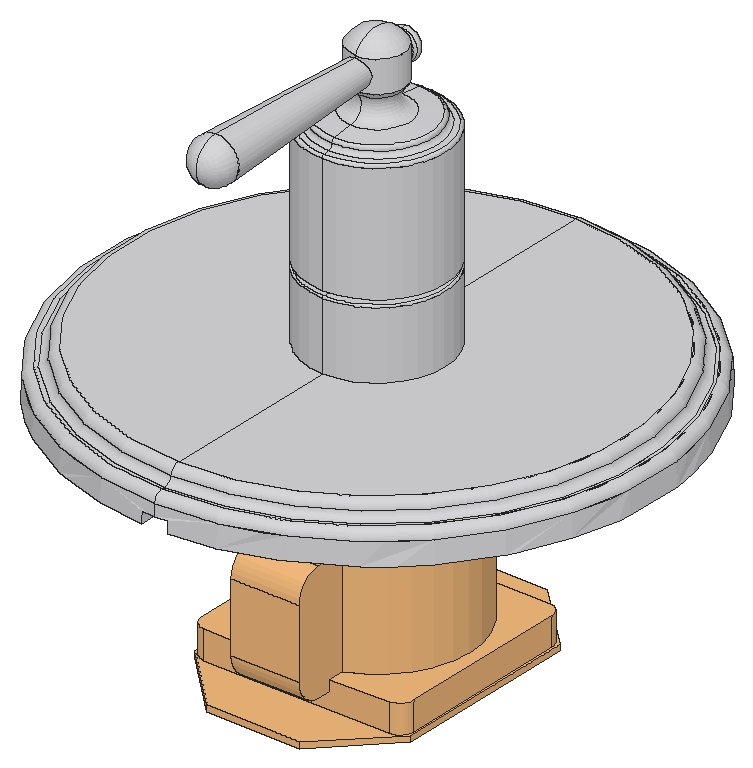
Revit family "Shower-Valve_Trim-KOHLER-MODULO-K-99955T", category Plumbing Fixtures, host Face, Revit 2017
Family settings
  Host = Face
  Round Connector Dimension = Use Diameter
  Part Type = Normal
  OmniClass Number = 23.31.25.00
  OmniClass Title = Toilet and Bath Specialties
  Cut with Voids When Loaded = No
  Shared = No
  Room Calculation Point = No
Parameters (values of type "CP-Polished Chrome")
  Width = 7 23/256"  # constant formula
  WaterSense Certified = 1 = 0  # no
  Waste Water Outlet = "Waste Water Outlet"  # constant formula
  Waste Connection = 1 = 0  # no
  Vent Connection = 1 = 0  # no
  URL = "http://www.kohler.com.cn/"
  Type = 1
  Tempered Water Outlet 2 = "Tempered Water Outlet 2"  # constant formula
  Tempered Water Outlet 1 = "Tempered Water Outlet 1"  # constant formula
  Product Page URL = "https://www.kohler.com.cn/en/product/K-99955T-4-CP/K-99955T-4-CP/"
  Product Name = "MODULO"  # constant formula
  Product Documentation Link = "https://files.kohler.com.cn/pdfs/k-99955T%2099956.pdf"
  Pressure = 0.00 psi
  Model = "K-99955T-4-CP"  # constant formula
  Material = "Premium Metal Construction"  # constant formula
  Master Format 2014 Name = "Residential Showers"  # constant formula
  Master Format 2014 = "22 42 23"  # constant formula
  Manufacturer Address = "Kohler Beijing Office (100016) 36-2-03-B, No. 88, Liuxiang Road, Beijing"  # constant formula
  Manufacturer = "KOHLER Co."  # constant formula
  Length = 4 45/256"  # constant formula
  Hot Water Inlet = "Hot Water Inlet"  # constant formula
  Height = 7 11/128"  # constant formula
  Handle Clearance = 2 7/8"  # constant formula
  HW Connection = 1 = 1  # yes
  Flow Rate = 0 GPM
  Finish = Kohler-Metal-CP-Polished_Chrome
  Environmental Product Declaration = ""
  Drain Included = 1 = 0  # no
  Description = "REC 3 WAY TRIM&VLV-ROUND CLASSIC"  # constant formula
  Default Elevation = 42"
  Declare Label = ""
  Date Modified = "09/29/2020"  # constant formula
  Date Created = "09/29/2020"  # constant formula
  Copyright = "Copyright KOHLER Co."  # constant formula
  Contact Us = "http://www.kohler.com.cn/contact/contact-us/"
  Cold Water Inlet = "Cold Water Inlet"  # constant formula
  CW Connection = 1 = 1  # yes
  Assembly Code = "D2010700"
  ADA Compliant = 1 = 0  # no
Reference planes (in)
  plane 1 "Center (Front/Back)": y = 0
  plane 2: z = 0
  plane 3 "Center (Left/Right)": x = 0
  plane 4: y = 3.54501
  plane 5: y = -3.54092
  plane 6: x = -3.54501
  plane 7: x = 3.54483
  plane 8: y = -2.875
  plane 9: y = 0.86797
  plane 10: y = -0.86797
  plane 11: x = 0.875
  plane 12: x = -0.875
  plane 13: z = -2.98819
  plane 14: z = 3.78194
  plane 15: z = 4.17578
Forms (in)
  Extrusion 1, void
    sketch origin (0, 0, 0) x (1, 0, 0) y (0, 1, 0)
      loop
        line (-1.37948, -1.1811) -> (-0.59208, -1.97042) -> (0.58903, -1.97042) -> (1.37643, -1.1811) -> (1.37643, 1.1811) -> (0.58903, 1.9685) -> (-0.59208, 1.9685) -> (-1.37948, 1.1811) -> (-1.37948, -1.1811)
    from -2.98819 to 0
Dimensions and locks (in)
  plane 14 to plane 2 = 3.78194"
  "Handle Clearance": plane 1 "Center (Front/Back)" to plane 8
  "Width": plane 6 to plane 7
  "Height": plane 4 to plane 5
  "Length": plane 15 to plane 2
  aligned and locked: plane 2 to host face
  aligned and locked: level to host face
Automatic sketch dimensions
  host sketch curve to host sketch curve = 96"  (x2)
  plane 12 to Extrusion 1 sketch curve = 0.50448"
  Extrusion 1 sketch curve to plane 10 = 0.31313"  (x2)
  Extrusion 1 sketch curve to plane 12 = 0.28292"  (x2)
  Extrusion 1 sketch curve to plane 9 = 0.31313"  (x2)
  Extrusion 1 sketch curve to plane 9 = 1.10054"
  Extrusion 1 sketch curve to plane 11 = 0.28597"  (x2)
  plane 11 to Extrusion 1 sketch curve = 0.50143"
  Extrusion 1 sketch curve to plane 8 = 0.90458"
Nested families (in)
  nested 1: "K-99955T" at (0, 0, 0), type "K-99955T"
Connectors (in)
  piping at (-0.875, 0, -2.98819), diameter 0.5, driven by "HW Connection", driven by "Hot Water Inlet"
    settings: on nested 1, index 1, connector inside diameter 24", connector length 0", flow factor 0, pipe flow 0 GPM, pressure drop 0.00 psi, fitting loss kfactor 0, connector angle 0.00°, fixture units 0, engagement length 0", angle of deflection 0.00°, flow configuration 0, flow direction 1, fitting loss method 0, system type 19, joint type 0, gender type 0, connector reference index -1, connector utility 1, adjustable connector no, is connector primary yes, connector description "Hot Water Inlet"
  piping at (0.875, 0, -2.98819), diameter 0.5, driven by "CW Connection", driven by "Cold Water Inlet"
    settings: on nested 1, index 2, connector inside diameter 24", connector length 0", flow factor 0, pipe flow 0 GPM, pressure drop 0.00 psi, fitting loss kfactor 0, connector angle 0.00°, fixture units 0, engagement length 0", angle of deflection 0.00°, flow configuration 0, flow direction 1, fitting loss method 0, system type 20, joint type 0, gender type 0, connector reference index -1, connector utility 1, adjustable connector no, is connector primary no, connector description "Cold Water Inlet"
  piping at (0, -0.86797, -2.98819), diameter 0.5, driven by "HW Connection", driven by "Tempered Water Outlet 2"
    settings: on nested 1, index 3, connector inside diameter 24", connector length 0", flow factor 0, pipe flow 0 GPM, pressure drop 0.00 psi, fitting loss kfactor 0, connector angle 0.00°, fixture units 0, engagement length 0", angle of deflection 0.00°, flow configuration 0, flow direction 2, fitting loss method 0, system type 19, joint type 0, gender type 0, connector reference index -1, connector utility 1, adjustable connector no, is connector primary no, connector description "Tempered Water Outlet 2"
  piping at (0, 0.86797, -2.98819), diameter 0.5, driven by "HW Connection", driven by "Tempered Water Outlet 1"
    settings: on nested 1, index 4, connector inside diameter 24", connector length 0", flow factor 0, pipe flow 0 GPM, pressure drop 0.00 psi, fitting loss kfactor 0, connector angle 0.00°, fixture units 0, engagement length 0", angle of deflection 0.00°, flow configuration 0, flow direction 2, fitting loss method 0, system type 19, joint type 0, gender type 0, connector reference index -1, connector utility 1, adjustable connector no, is connector primary no, connector description "Tempered Water Outlet 1"
Definition of nested family "K-99955T"
  Parameters (values of type "K-99955T")
    Material = none
  Reference planes (in)
    plane 1 "Center (Front/Back)": y = 0
    plane 2: z = 0
    plane 3 "Center (Left/Right)": x = 0
    plane 4: z = 0.59032
    plane 5: y = 0.86797
    plane 6: y = -0.86797
    plane 7: y = 3.54501
    plane 8: y = -3.54501
    plane 9: y = -2.87309
    plane 10: x = -3.54501
    plane 11: x = 3.54501
    plane 12: x = -0.875
    plane 13: x = 0.875
    plane 14: z = -2.98819
  Forms (in)
    Revolve 1, solid, material <- "Material", detail levels medium+fine
      sketch origin (0, 0, 0) x (0, 1, 0) y (0, 0, 1)
        loop
          line (0, 0) -> (3.54501, 0) -> (3.53523, 0.28013)
          arc (3.53523, 0.28013) -> (3.49938, 0.36066) -> (3.41765, 0.39367) r 0.11765
          line (3.41765, 0.39367) -> (3.37083, 0.39367)
          arc (3.37083, 0.39367) -> (3.30512, 0.41922) -> (3.27392, 0.48245) r 0.09728
          arc (3.27392, 0.48245) -> (3.23601, 0.55927) -> (3.15616, 0.59032) r 0.11821
          line (3.15616, 0.59032) -> (0.86801, 0.59032) -> (0.86801, 1.4478)
          arc (0.86801, 1.4478) -> (0.86223, 1.46174) -> (0.84829, 1.46752) r 0.01972
          line (0.84829, 1.46752) -> (0.72031, 1.46752) -> (0.72031, 1.53839) -> (0.86798, 1.53839) -> (0.86798, 3.03487)
          arc (0.86798, 3.03487) -> (0.8583, 3.06071) -> (0.83402, 3.07383) r 0.03934
          line (0.83402, 3.07383) -> (0.76065, 3.08385)
          arc (0.76065, 3.08385) -> (0.72307, 3.10551) -> (0.71136, 3.14728) r 0.05744
          arc (0.71136, 3.14728) -> (0.703, 3.17874) -> (0.6755, 3.19616) r 0.04462
          arc (0.6755, 3.19616) -> (0.54277, 3.21027) -> (0.40967, 3.22052) r 4.60481
          arc (0.40967, 3.22052) -> (0.25698, 3.33139) -> (0.29233, 3.51675) r 0.17605
          arc (0.29233, 3.51675) -> (0.31836, 3.54793) -> (0.34057, 3.58193) r 0.34781
          line (0.34057, 3.58193) -> (0.34057, 3.98196)
          arc (0.34057, 3.98196) -> (0.19669, 4.12525) -> (0, 4.17569) r 0.38602
          line (0, 4.17569) -> (0, 0)
        axis (0, 4.17569) -> (0, 0)
      angle from 0 to 360
    Revolve 2, solid, material <- "Material", detail levels medium+fine
      sketch origin (0, 0, 0) x (0, 1, 0) y (0, 0, 1)
        loop
          arc (-0.2718, 3.94741) -> (-1.41511, 4.01794) -> (-2.55954, 4.0673) r 61.90969
          arc (-2.55954, 4.0673) -> (-2.77389, 3.9885) -> (-2.87244, 3.78248) r 0.30319
          line (-2.87244, 3.78248) -> (-0.2718, 3.78248) -> (-0.2718, 3.94741)
        axis (-0.2718, 3.78248) -> (-2.87244, 3.78248)
      angle from 0 to 360
    Extrusion 3, void
      sketch origin (0, 0, 0) x (1, 0, 0) y (0, 0, 1)
        loop
          line (-0.16167, -0.01719) -> (0.16953, -0.01719) -> (0.16141, 0.1378) -> (0.00032, 0.1378) -> (-0.15355, 0.1378) -> (-0.16167, -0.01719)
      from 3.04096 to 9.84252
    Revolve 4, solid, material <- "Material", detail levels medium+fine
      sketch origin (0, 0, 0) x (0, 1, 0) y (0, 0, 1)
        loop
          line (0.53655, 3.78248) -> (0.24863, 3.78248) -> (0.24863, 3.60532) -> (0.35195, 3.60532)
          arc (0.35195, 3.60532) -> (0.37824, 3.61065) -> (0.40269, 3.59961) r 0.04367
          arc (0.40269, 3.59961) -> (0.43841, 3.58583) -> (0.47414, 3.59961) r 0.0532
          arc (0.47414, 3.59961) -> (0.4976, 3.6264) -> (0.51433, 3.65783) r 0.15495
          arc (0.51433, 3.65783) -> (0.53161, 3.71906) -> (0.53655, 3.78248) r 0.32263
        axis (0.53655, 3.78248) -> (0.24863, 3.78248)
      angle from 0 to 360
    Revolve 5, solid, material <- "Material", detail levels coarse
      sketch origin (0, 0, 0) x (0, 1, 0) y (0, 0, 1)
        loop
          line (3.54501, 0) -> (3.53025, 0.39367) -> (3.37259, 0.39367) -> (3.21335, 0.59032) -> (0.86801, 0.59032) -> (0.86801, 3.07386) -> (0.71049, 3.07386) -> (0.71049, 3.58767) -> (0.53747, 3.58767) -> (0.53747, 4.17676) -> (0.00009, 4.17676) -> (0.00009, 0) -> (3.54501, 0)
        axis (0.00009, 4.17676) -> (0.00009, 0)
      angle from 0 to 360
    Revolve 6, solid, material <- "Material", detail levels coarse
      sketch origin (0, 0, 0) x (0, 1, 0) y (0, 0, 1)
        loop
          line (-0.34057, 3.95222) -> (-2.87002, 4.08284) -> (-2.87002, 3.78194) -> (-0.34057, 3.78194) -> (-0.34057, 3.95222)
        axis (-2.87002, 3.78194) -> (-0.34057, 3.78194)
      angle from 0 to 360
    Revolve 7, solid
      sketch origin (0, 0, 0) x (0, 1, 0) y (0, 0, 1)
        loop
          line (0, 0) -> (-0.86797, 0) -> (-0.86797, -0.59952) -> (-0.90624, -0.6378) -> (-1.17925, -0.6378) -> (-1.17925, -2.55394) -> (0, -2.55394) -> (0, 0)
        axis (0, 0) -> (0, -2.55394)
      angle from 0 to 360
    Extrusion 8, solid
      sketch origin (0, 0, 0) x (1, 0, 0) y (0, 1, 0)
        loop
          line (-0.59208, 1.9685) -> (-1.37948, 1.1811) -> (-1.37948, -1.1811) -> (-0.59208, -1.9685) -> (0.58903, -1.9685) -> (1.37643, -1.1811) -> (1.37643, 1.1811) -> (0.58903, 1.9685) -> (-0.59208, 1.9685)
      from -2.98819 to -2.90945
    Extrusion 9, solid
      sketch origin (0, 0, 0) x (1, 0, 0) y (0, 1, 0)
        loop
          arc (-1.34995, -1.09976) -> (-1.3004, -1.22366) -> (-1.17908, -1.27923) r 0.17969
          arc (-1.17908, -1.27923) -> (-0.00068, -1.30813) -> (1.17771, -1.27915) r 24.00361
          arc (1.17771, -1.27915) -> (1.3, -1.22313) -> (1.34995, -1.09823) r 0.18113
          line (1.34995, -1.09823) -> (1.34995, 1.09038)
          arc (1.34995, 1.09038) -> (1.30041, 1.21428) -> (1.1791, 1.26985) r 0.17969
          arc (1.1791, 1.26985) -> (0.00001, 1.29891) -> (-1.17908, 1.27001) r 24.00361
          arc (-1.17908, 1.27001) -> (-1.3004, 1.21444) -> (-1.34995, 1.09053) r 0.17969
          line (-1.34995, 1.09053) -> (-1.34995, -1.09976)
      from -2.90945 to -2.55394
    Extrusion 10, solid
      sketch origin (0, 0, 0) x (0, 1, 0) y (0, 0, 1)
        loop
          arc (-1.45858, -1.18576) -> (-1.68183, -1.27823) -> (-1.77431, -1.50148) r 0.31572
          line (-1.77431, -1.50148) -> (-1.77431, -2.38328)
          arc (-1.77431, -2.38328) -> (-1.68381, -2.60175) -> (-1.46534, -2.69224) r 0.30896
          line (-1.46534, -2.69224) -> (-0.77431, -2.69224) -> (-0.77431, -1.18576) -> (-1.45858, -1.18576)
      from -0.4346 to 0.43155
    Extrusion 11, solid, detail levels medium+fine
      sketch origin (0, 0, 0) x (1, 0, 0) y (0, 1, 0)
        loop
          circle (0, 0.86797) r 0.25
        loop
          circle (0, -0.86797) r 0.25
        loop
          circle (-0.875, 0) r 0.25
        loop
          circle (0.875, 0) r 0.25
      from -2.98819 to -2.90945
  Cuts and joins
    Extrusion 3 cuts Revolve 1
    joined: Revolve 1, Revolve 2, Revolve 4
    Extrusion 3 cuts Revolve 5
    joined: Revolve 7, Extrusion 8, Extrusion 9, Extrusion 10
  Lines and regions (in)
    Masking region 1
      outline origin (0, 0, 0) x (1, 0, 0) y (0, 0, 1)
        loop
          line (3.54541, 0) -> (3.53559, 0.28119)
          arc (3.53559, 0.28119) -> (3.49945, 0.36156) -> (3.41738, 0.39367) r 0.11657
          line (3.41738, 0.39367) -> (3.37173, 0.39367)
          arc (3.37173, 0.39367) -> (3.3014, 0.42281) -> (3.27227, 0.49314) r 0.09947
          arc (3.27227, 0.49314) -> (3.23416, 0.5631) -> (3.15929, 0.59032) r 0.11256
          line (3.15929, 0.59032) -> (0.86801, 0.59032) -> (0.86801, 1.44737)
          arc (0.86801, 1.44737) -> (0.86211, 1.46162) -> (0.84786, 1.46752) r 0.02015
          line (0.84786, 1.46752) -> (0.72031, 1.46752) -> (0.72031, 1.53839) -> (0.86798, 1.53839) -> (0.86798, 3.03481)
          arc (0.86798, 3.03481) -> (0.85498, 3.06448) -> (0.82436, 3.07506) r 0.04038
          arc (0.82436, 3.07506) -> (0.79324, 3.07935) -> (0.76214, 3.0838) r 6.39323
          arc (0.76214, 3.0838) -> (0.7256, 3.10357) -> (0.71049, 3.14228) r 0.06035
          arc (0.71049, 3.14228) -> (0.70504, 3.17704) -> (0.6755, 3.19616) r 0.04311
          arc (0.6755, 3.19616) -> (0.53106, 3.21078) -> (0.38646, 3.2239) r 13.89865
          arc (0.38646, 3.2239) -> (0.25197, 3.34446) -> (0.2945, 3.52) r 0.17599
          arc (0.2945, 3.52) -> (0.31966, 3.54939) -> (0.34057, 3.58193) r 0.28273
          line (0.34057, 3.58193) -> (0.34057, 3.98196)
          arc (0.34057, 3.98196) -> (0, 4.17591) -> (-0.34057, 3.98196) r 0.396
          line (-0.34057, 3.98196) -> (-0.34057, 3.58193)
          arc (-0.34057, 3.58193) -> (-0.31966, 3.54939) -> (-0.2945, 3.52) r 0.28273
          arc (-0.2945, 3.52) -> (-0.25197, 3.34446) -> (-0.38646, 3.2239) r 0.17599
          arc (-0.38646, 3.2239) -> (-0.53106, 3.21078) -> (-0.6755, 3.19616) r 13.89865
          arc (-0.6755, 3.19616) -> (-0.70504, 3.17704) -> (-0.71049, 3.14228) r 0.04311
          arc (-0.71049, 3.14228) -> (-0.7256, 3.10357) -> (-0.76214, 3.0838) r 0.06035
          arc (-0.76214, 3.0838) -> (-0.79324, 3.07935) -> (-0.82436, 3.07506) r 6.39323
          arc (-0.82436, 3.07506) -> (-0.85498, 3.06448) -> (-0.86798, 3.03481) r 0.04038
          line (-0.86798, 3.03481) -> (-0.86798, 1.53839) -> (-0.72031, 1.53839) -> (-0.72031, 1.46752) -> (-0.84786, 1.46752)
          arc (-0.84786, 1.46752) -> (-0.86211, 1.46162) -> (-0.86801, 1.44737) r 0.02015
          line (-0.86801, 1.44737) -> (-0.86801, 0.59032) -> (-3.15929, 0.59032)
          arc (-3.15929, 0.59032) -> (-3.23416, 0.5631) -> (-3.27227, 0.49314) r 0.11256
          arc (-3.27227, 0.49314) -> (-3.3014, 0.42281) -> (-3.37173, 0.39367) r 0.09947
          line (-3.37173, 0.39367) -> (-3.41738, 0.39367)
          arc (-3.41738, 0.39367) -> (-3.49945, 0.36156) -> (-3.53559, 0.28119) r 0.11657
          line (-3.53559, 0.28119) -> (-3.54541, 0) -> (3.54541, 0)
    Masking region 2
      outline origin (0, 0, 0) x (0, 1, 0) y (0, 0, 1)
        loop
          line (3.54501, 0) -> (3.53521, 0.28073)
          arc (3.53521, 0.28073) -> (3.49923, 0.36113) -> (3.41738, 0.39367) r 0.11703
          line (3.41738, 0.39367) -> (3.37259, 0.39367)
          arc (3.37259, 0.39367) -> (3.30397, 0.42066) -> (3.27211, 0.48715) r 0.10075
          arc (3.27211, 0.48715) -> (3.24197, 0.55591) -> (3.17525, 0.59032) r 0.11229
          line (3.17525, 0.59032) -> (0.86801, 0.59032) -> (0.86801, 1.44765)
          arc (0.86801, 1.44765) -> (0.86219, 1.4617) -> (0.84813, 1.46752) r 0.01987
          line (0.84813, 1.46752) -> (0.72031, 1.46752) -> (0.72031, 1.53839) -> (0.86801, 1.53839) -> (0.86801, 3.03396)
          arc (0.86801, 3.03396) -> (0.85648, 3.06234) -> (0.82842, 3.07465) r 0.04071
          arc (0.82842, 3.07465) -> (0.79567, 3.07919) -> (0.76289, 3.08354) r 5.48759
          arc (0.76289, 3.08354) -> (0.72574, 3.10314) -> (0.71049, 3.14228) r 0.06012
          arc (0.71049, 3.14228) -> (0.70451, 3.1767) -> (0.6755, 3.19616) r 0.04444
          line (0.6755, 3.19616) -> (0.39502, 3.22278)
          arc (0.39502, 3.22278) -> (0.27262, 3.30024) -> (0.25164, 3.44357) r 0.17351
          arc (0.25164, 3.44357) -> (0.27729, 3.49716) -> (0.31488, 3.54316) r 0.24921
          line (0.31488, 3.54316) -> (0.34057, 3.58193) -> (0.35785, 3.60755)
          arc (0.35785, 3.60755) -> (0.37918, 3.61085) -> (0.399, 3.60232) r 0.03902
          arc (0.399, 3.60232) -> (0.42244, 3.58764) -> (0.45009, 3.58767) r 0.05
          arc (0.45009, 3.58767) -> (0.46776, 3.59408) -> (0.48127, 3.60715) r 0.04499
          arc (0.48127, 3.60715) -> (0.52454, 3.68869) -> (0.53747, 3.7801) r 0.2671
          arc (0.53747, 3.7801) -> (0.52454, 3.8715) -> (0.48127, 3.95305) r 0.2671
          arc (0.48127, 3.95305) -> (0.46776, 3.96612) -> (0.45009, 3.97253) r 0.04499
          arc (0.45009, 3.97253) -> (0.42244, 3.97256) -> (0.399, 3.95788) r 0.05
          arc (0.399, 3.95788) -> (0.37918, 3.94934) -> (0.35785, 3.95265) r 0.03902
          line (0.35785, 3.95265) -> (0.34057, 3.97827)
          arc (0.34057, 3.97827) -> (0.00009, 4.17676) -> (-0.3404, 3.97827) r 0.39128
          line (-0.3404, 3.97827) -> (-0.3593, 3.95319) -> (-2.58723, 4.06824)
          arc (-2.58723, 4.06824) -> (-2.87299, 3.78248) -> (-2.58723, 3.49672) r 0.28576
          line (-2.58723, 3.49672) -> (-0.36065, 3.6117) -> (-0.34057, 3.58193) -> (-0.31488, 3.54316)
          arc (-0.31488, 3.54316) -> (-0.27729, 3.49716) -> (-0.25164, 3.44357) r 0.24921
          arc (-0.25164, 3.44357) -> (-0.27262, 3.30024) -> (-0.39502, 3.22278) r 0.17351
          line (-0.39502, 3.22278) -> (-0.6755, 3.19616)
          arc (-0.6755, 3.19616) -> (-0.70451, 3.1767) -> (-0.71049, 3.14228) r 0.04444
          arc (-0.71049, 3.14228) -> (-0.72574, 3.10314) -> (-0.76289, 3.08354) r 0.06012
          arc (-0.76289, 3.08354) -> (-0.79567, 3.07919) -> (-0.82842, 3.07465) r 5.48759
          arc (-0.82842, 3.07465) -> (-0.85648, 3.06234) -> (-0.86801, 3.03396) r 0.04071
          line (-0.86801, 3.03396) -> (-0.86801, 1.53839) -> (-0.72031, 1.53839) -> (-0.72031, 1.46752) -> (-0.84813, 1.46752)
          arc (-0.84813, 1.46752) -> (-0.86219, 1.4617) -> (-0.86801, 1.44765) r 0.01987
          line (-0.86801, 1.44765) -> (-0.86801, 0.59032) -> (-3.17525, 0.59032)
          arc (-3.17525, 0.59032) -> (-3.24197, 0.55591) -> (-3.27211, 0.48715) r 0.11229
          arc (-3.27211, 0.48715) -> (-3.30397, 0.42066) -> (-3.37259, 0.39367) r 0.10075
          line (-3.37259, 0.39367) -> (-3.41738, 0.39367)
          arc (-3.41738, 0.39367) -> (-3.49923, 0.36113) -> (-3.53521, 0.28073) r 0.11703
          line (-3.53521, 0.28073) -> (-3.54501, 0) -> (3.54501, 0)
    Masking region 3
      outline origin (0, 0, 0) x (1, 0, 0) y (0, 1, 0)
        loop
          arc (-0.36131, -3.52655) -> (-0.2633, -3.53522) -> (-0.16509, -3.54117) r 3.54501
          line (-0.16509, -3.54117) -> (-0.12411, -3.53758) -> (0.13616, -3.53758) -> (0.17193, -3.54084)
          arc (0.17193, -3.54084) -> (3.54397, 0.08599) -> (0, 3.54501) r 3.54501
          arc (0, 3.54501) -> (-3.5404, 0.18089) -> (-0.36131, -3.52655) r 3.54501
    Masking region 4
      outline origin (0, 0, 0) x (0, 1, 0) y (0, 0, 1)
        loop
          line (0.86797, 0) -> (-0.86797, 0) -> (-0.86797, -0.59952) -> (-0.90624, -0.6378) -> (-1.17925, -0.6378) -> (-1.17925, -1.18576) -> (-1.45858, -1.18576)
          arc (-1.45858, -1.18576) -> (-1.68183, -1.27823) -> (-1.77431, -1.50148) r 0.31572
          line (-1.77431, -1.50148) -> (-1.77431, -2.38328)
          arc (-1.77431, -2.38328) -> (-1.68381, -2.60175) -> (-1.46534, -2.69224) r 0.30896
          line (-1.46534, -2.69224) -> (-1.32265, -2.69224) -> (-1.32265, -2.90945) -> (-1.9685, -2.90945) -> (-1.9685, -2.98819) -> (1.9685, -2.98819) -> (1.9685, -2.90945) -> (1.29891, -2.90945) -> (1.29891, -2.55394) -> (1.17925, -2.55394) -> (1.17925, -0.6378) -> (0.90624, -0.6378) -> (0.86797, -0.59952) -> (0.86797, 0)
    Masking region 5, detail levels medium+fine
      outline origin (0, 0, 0) x (1, 0, 0) y (0, 0, 1)
        loop
          line (0.86797, 0) -> (-0.86797, 0) -> (-0.86797, -0.59952) -> (-0.90624, -0.6378) -> (-1.17925, -0.6378) -> (-1.17771, -2.55394) -> (-1.34995, -2.55394) -> (-1.34995, -2.90945) -> (-1.38924, -2.90945) -> (-1.38924, -2.98819) -> (0, -2.98819) -> (1.38924, -2.98819) -> (1.38924, -2.90945) -> (1.34995, -2.90945) -> (1.34995, -2.55394) -> (1.17771, -2.55394) -> (1.17925, -0.6378) -> (0.90624, -0.6378) -> (0.86797, -0.59952) -> (0.86797, 0)
    symbolic lines, detail levels medium+fine
      curve 1: line (3.41738, 0, 0.39367) -> (-3.41738, 0, 0.39367)
      curve 2: line (0.6755, 0, 3.19616) -> (-0.6755, 0, 3.19616)
      curve 3: line (0.83339, 0, 3.07387) -> (-0.83115, 0, 3.07387)
      curve 4: circle (0.00394, 0, 3.7845) r 0.20079 normal (0, -1, 0)
      curve 5: circle (0.00457, 0, 3.78506) r 0.1795 normal (0, -1, 0)
      curve 6: line (0.86801, 0, 0.59032) -> (-0.86801, 0, 0.59032)
      curve 7: line (0.72031, 0, 1.46752) -> (-0.72031, 0, 1.46752)
      curve 8: line (0.72031, 0, 1.53839) -> (-0.72031, 0, 1.53839)
      curve 9: line (0, 3.41738, 0.39367) -> (0, -3.41738, 0.39367)
      curve 10: line (0, 0.86801, 0.59032) -> (0, -0.86801, 0.59032)
      curve 11: line (0, 0.72031, 1.46752) -> (0, -0.72031, 1.46752)
      curve 12: line (0, 0.72031, 1.53839) -> (0, -0.72031, 1.53839)
      curve 13: line (0, 0.6755, 3.19616) -> (0, -0.6755, 3.19616)
      curve 14: line (0, 0.83534, 3.07386) -> (0, -0.83381, 3.07386)
      curve 15: line (0, 0.34057, 3.98196) -> (0, 0.34057, 3.58193)
      curve 16: line (0, -0.34057, 3.98196) -> (0, -0.34057, 3.58193)
      curve 17: arc (0, -3.41738, 0) -> (-3.41738, 0, 0) -> (0, 3.41738, 0) r 3.41738
      curve 18: arc (0, 3.41738, 0) -> (3.41738, 0, 0) -> (0, -3.41738, 0) r 3.41738
      curve 19: arc (0, -3.15929, 0) -> (-3.15929, 0, 0) -> (0, 3.15929, 0) r 3.15929
      curve 20: arc (0, 3.15929, 0) -> (3.15929, 0, 0) -> (0, -3.15929, 0) r 3.15929
      curve 21: arc (0, 0.86798, 0) -> (-0.86239, 0.09832, 0) -> (-0.19537, -0.8457, 0) r 0.86798
      curve 22: arc (0.19537, -0.8457, 0) -> (0.86239, 0.09832, 0) -> (0, 0.86798, 0) r 0.86798
      curve 23: arc (0, 0.71049, 0) -> (0.7042, 0.09436, 0) -> (0.18705, -0.68543, 0) r 0.71049
      curve 24: arc (0, 0.72031, 0) -> (-0.71407, 0.09461, 0) -> (-0.18757, -0.69546, 0) r 0.72031
      curve 25: arc (0, 0.6755, 0) -> (0.669, 0.0935, 0) -> (0.1852, -0.64962, 0) r 0.6755
      curve 26: arc (-0.1852, -0.64962, 0) -> (-0.669, 0.0935, 0) -> (0, 0.6755, 0) r 0.6755
      curve 27: line (-0.17716, 0.35195, 0) -> (-0.17716, 0.28868, 0)
      curve 28: arc (-0.17716, 0.35195, 0) -> (-0.17125, 0.37291, 0) -> (-0.17716, 0.39387, 0) r 0.04011
      curve 29: arc (-0.17716, 0.39387, 0) -> (-0.18697, 0.40737, 0) -> (-0.19376, 0.42261, 0) r 0.08017
      curve 30: arc (-0.19376, 0.42261, 0) -> (-0.19348, 0.45618, 0) -> (-0.17304, 0.4828, 0) r 0.05282
      curve 31: line (0.17716, 0.35195, 0) -> (0.17716, 0.28868, 0)
      curve 32: arc (0.17716, 0.35195, 0) -> (0.17125, 0.37291, 0) -> (0.17716, 0.39387, 0) r 0.04011
      curve 33: arc (0.17716, 0.39387, 0) -> (0.18697, 0.40737, 0) -> (0.19376, 0.42261, 0) r 0.08017
      curve 34: arc (0.19376, 0.42261, 0) -> (0.19348, 0.45618, 0) -> (0.17304, 0.4828, 0) r 0.05282
      curve 35: arc (-0.17304, 0.4828, 0) -> (-0.09166, 0.52608, 0) -> (0, 0.5357, 0) r 0.24138
      curve 36: arc (0.17304, 0.4828, 0) -> (0.09166, 0.52608, 0) -> (0, 0.5357, 0) r 0.24138
      curve 37: line (-0.17716, 0.28868, 0) -> (0.17716, 0.28868, 0)
      curve 38: line (-0.16689, -0.29688, 0) -> (0.16689, -0.29688, 0)
      curve 39: arc (-0.16689, -0.29688, 0) -> (-0.34267, -0.00709, 0) -> (-0.17716, 0.28868, 0) r 0.33654
      curve 40: arc (0.16689, -0.29688, 0) -> (0.34267, -0.00709, 0) -> (0.17716, 0.28868, 0) r 0.33654
      curve 41: line (-0.16689, -0.29688, 0) -> (-0.28576, -2.58723, 0)
      curve 42: line (0.16689, -0.29688, 0) -> (0.28576, -2.58723, 0)
      curve 43: arc (0.28576, -2.58723, 0) -> (0, -2.87299, 0) -> (-0.28576, -2.58723, 0) r 0.28576
      curve 44: line (0, 0.86797, -0.59952) -> (0, -0.86797, -0.59952)
      curve 45: line (0, 0.90624, -0.6378) -> (0, -0.90624, -0.6378)
      curve 46: line (0, -1.17925, -1.18576) -> (0, -1.09625, -1.18576)
      curve 47: line (0, -1.09625, -1.18576) -> (0, -1.09625, -2.56081)
      curve 48: line (0, 1.17925, -2.55394) -> (0, -1.32265, -2.55394)
      curve 49: line (0, -1.32265, -2.55394) -> (0, -1.32265, -2.69224)
      curve 50: line (0, 1.29891, -2.90945) -> (0, -1.32265, -2.90945)
      curve 51: line (0.86797, 0, -0.59952) -> (-0.86797, 0, -0.59952)
      curve 52: line (0.90624, 0, -0.6378) -> (-0.90624, 0, -0.6378)
      curve 53: line (1.17771, 0, -2.55394) -> (-1.17771, 0, -2.55394)
      curve 54: line (1.34995, 0, -2.90945) -> (-1.34995, 0, -2.90945)
      curve 55: line (-0.59208, 0, -2.98819) -> (-0.59208, 0, -2.90945)
      curve 56: line (0.59208, 0, -2.98819) -> (0.59208, 0, -2.90945)
    symbolic lines, detail levels coarse
      curve 57: line (0, 0, -1.1378) -> (0.38302, 0, -0.8164)
      curve 58: line (0, 0, -1.1378) -> (0.38302, 0, -1.45919)
      curve 59: line (0.38302, 0, -0.8164) -> (0.38302, 0, -1.45919)
      curve 60: line (0, 0, -1.1378) -> (-0.38302, 0, -0.8164)
      curve 61: line (0, 0, -1.1378) -> (-0.38302, 0, -1.45919)
      curve 62: line (-0.38302, 0, -0.8164) -> (-0.38302, 0, -1.45919)
      curve 63: line (0, 0, -1.1378) -> (0, 0, -1.94137)
      curve 64: line (0, 0, -1.94137) -> (0.38991, 0, -1.94137)
      curve 65: line (0, 0, -1.94137) -> (-0.38991, 0, -1.94137)
      curve 66: arc (0.38991, 0, -1.94137) -> (0, 0, -2.33128) -> (-0.38991, 0, -1.94137) r 0.38991
  Dimensions and locks (in)
    locked: plane 5 to plane 6 at 1.73594
    locked: plane 4 to level at 0.59032
    locked: plane 1 "Center (Front/Back)" to plane 8 at 3.54501
    locked: plane 1 "Center (Front/Back)" to plane 9 at 2.87309
    locked: plane 9 to plane 1 "Center (Front/Back)" at 2.87309
    locked: plane 10 to plane 11 at 7.09003
    aligned and locked: plane 2 to level
    aligned and locked: plane 12 to Extrusion 11 sketch curve
    aligned and locked: plane 1 "Center (Front/Back)" to Extrusion 11 sketch curve
